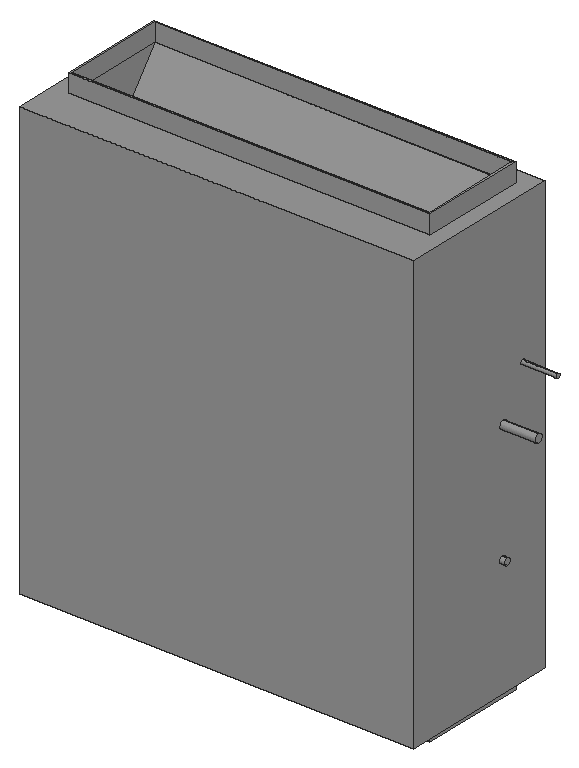
Revit family "Канальный блок VRF-системы", category Mechanical Equipment, host Face, Revit 2016
Family settings
  Host = Face
  Part Type = Normal
  Round Connector Dimension = Use Diameter
  Cut with Voids When Loaded = No
  Shared = No
  Room Calculation Point = No
Parameters (values of type "ESVMD-SF-22")
  Электропитание, (В) = size_lookup(Таблица электропитание, "", "Не найдено", Артикул)  # "220"
  Эл. питание(коннектор) = 220 V
  Ширина воздуховода = Ширина - 60.00 mm  # 590.00 mm
  Частота сети = size_lookup(Таблица параметров, "Частота сети", 0 Hz, Артикул)  # 50 Hz
  Холодопроизводительность = size_lookup(Таблица параметров, "Производительность Охлаждение", 0.00 kW, Артикул)  # 2.20 kW
  Фаза = 1
  Теплопроизводительность = size_lookup(Таблица параметров, "Производительность Нагрев", 0.00 kW, Артикул)  # 2.80 kW
  Таблица электропитание = "Электропитание"  # constant formula
  Ширина = size_lookup(Таблица параметров, "Ширина", 0.00 mm, Артикул)  # 650.00 mm
  Уровень звукового давления, (Дб(А)) = size_lookup(Таблица уровень звукового давления, "", "Не найдено", Артикул)  # "33-31-29"
  Таблица уровень звукового давления = "Уровень звукового давления"  # constant formula
  Таблица расход воздуха = "Расход воздуха"  # constant formula
  Таблица наименование = "Наименование"  # constant formula
  Таблица модель = "Модель"  # constant formula
  Таблица параметров = "Таблица параметров"  # constant formula
  Расход воздуха, (м.куб/ч) = size_lookup(Таблица расход воздуха, "", "Не найдено", Артикул)  # "480-420-360"
  Производитель = "Electrolux"  # constant formula
  Позиция = ""
  Watermarked By = ""
  Default Elevation = 1219.20 mm
  Наименование = size_lookup(Таблица наименование, "", "Не найдено", Артикул)  # "Канальный блок VRF-системы"
  Модель = size_lookup(Таблица модель, "", "Не найдено", Артикул)  # "ESVMD-SF-22"
  Диаметр жидкостной трубы = size_lookup(Таблица параметров, "Диаметр френопровода жидкость", 0.00 mm, Артикул)  # 6.35 mm
  Диаметр газовой трубы = size_lookup(Таблица параметров, "Диаметр френопровода газ", 0.00 mm, Артикул)  # 12.70 mm
  Высота воздуховода = 176.00 mm  # constant formula
  Высота = size_lookup(Таблица параметров, "Высота", 0.00 mm, Артикул)  # 270.00 mm
  Глубина = size_lookup(Таблица параметров, "Глубина", 0.00 mm, Артикул)  # 720.00 mm
  Вес = size_lookup(Таблица параметров, "Вес", 0.00 kg, Артикул)  # 25.00 kg
  Артикул = 1022697
Types (11, lengths in mm): name | Ширина воздуховода | Холодопроизводительность | Теплопроизводительность | Ширина | Уровень звукового давления, (Дб(А)) | Расход воздуха, (м.куб/ч) | Модель | Диаметр жидкостной трубы | Диаметр газовой трубы | Высота | Глубина | Вес | Артикул
  (no name) | 590.00 | 2.20 kW | 2.80 kW | 650.00 | "33-31-29" | "480-420-360" | "ESVMD-SF-22" | 6.35 | 12.70 | 270.00 | 720.00 | 25.00 kg | 1022697
  ESVMD-SF-22 | 590.00 | 2.20 kW | 2.80 kW | 650.00 | "33-31-29" | "480-420-360" | "ESVMD-SF-22" | 6.35 | 12.70 | 270.00 | 720.00 | 25.00 kg | 1022697
  ESVMD-SF-28 | 590.00 | 2.80 kW | 3.30 kW | 650.00 | "33-31-29" | "480-420-360" | "ESVMD-SF-28" | 6.35 | 12.70 | 270.00 | 720.00 | 25.00 kg | 1022698
  ESVMD-SF-36 | 590.00 | 3.60 kW | 4.20 kW | 650.00 | "33-31-29" | "780-660-540" | "ESVMD-SF-36" | 6.35 | 12.70 | 270.00 | 720.00 | 25.00 kg | 1022699
  ESVMD-SF-50 | 840.00 | 5.00 kW | 5.60 kW | 900.00 | "34-32-30" | "900-780-660" | "ESVMD-SF-50" | 6.35 | 15.88 | 270.00 | 720.00 | 34.00 kg | 1022700
  ESVMD-SF-56 | 840.00 | 5.60 kW | 6.50 kW | 900.00 | "34-32-30" | "900-780-660" | "ESVMD-SF-56" | 6.35 | 15.88 | 270.00 | 720.00 | 34.00 kg | 1022701
  ESVMD-SF-71 | 840.00 | 7.10 kW | 8.50 kW | 900.00 | "36-34-32" | "960-840-720" | "ESVMD-SF-71" | 9.53 | 15.88 | 270.00 | 720.00 | 34.00 kg | 1022702
  ESVMD-SF-90 | 840.00 | 9.00 kW | 10.00 kW | 900.00 | "41-39-34" | "1600-1400-1150" | "ESVMD-SF-90" | 9.53 | 15.88 | 350.00 | 800.00 | 44.00 kg | 1022703
  ESVMD-SF-112 | 840.00 | 11.20 kW | 13.00 kW | 900.00 | "43-40-36" | "1600-1400-1150" | "ESVMD-SF-112" | 9.53 | 15.88 | 350.00 | 800.00 | 44.00 kg | 1022704
  ESVMD-SF-140 | 1240.00 | 14.20 kW | 16.30 kW | 1300.00 | "44-41-36" | "2100-1750-1450" | "ESVMD-SF-140" | 9.53 | 15.88 | 350.00 | 800.00 | 56.00 kg | 1022705
  ESVMD-SF-160 | 1240.00 | 16.00 kW | 18.00 kW | 1300.00 | "43-40-37" | "2150-1900-1620" | "ESVMD-SF-160" | 9.53 | 15.88 | 350.00 | 800.00 | 56.00 kg | 1022706
Reference planes
  plane 1 "По центру (Вперед/Назад)": y = 0
  plane 2: z = 0
  plane 3 "По центру (Влево/Вправо)": x = 0
Dimensions and locks
  nested 1 to nested 3 = 321.00 mm
  nested 1 to nested 3 = 182.00 mm
  nested 1 to nested 2 = 246.00 mm
  nested 1 to nested 2 = 222.00 mm
  nested 1 to nested 4 = 180.00 mm
  nested 1 to nested 4 = 200.00 mm
  aligned and locked: plane 2 to host face
  aligned and locked: level to host face
  aligned and locked: plane 3 "По центру (Влево/Вправо)" to nested 1
  aligned and locked: nested 1 to plane 1 "По центру (Вперед/Назад)"
Nested families
  nested 1: "Корпус канального" at (0, 0, 0) x (0, 1, 0) z (0, 0, 1), Высота воздуховода <- "Высота воздуховода", Глубина <- "Глубина", Высота <- "Высота", Ширина <- "Ширина", Ширина воздуховода <- "Ширина воздуховода", type "Корпус канального"
    with Ширина воздуховода 590.00 mm, Ширина 650.00 mm, Глубина 720.00 mm, Высота воздуховода 176.00 mm, Высота 270.00 mm
  nested 2: "Трубка" at (325, 87, 474) x (0, 0, -1) z (1, 0, 0), Диаметр трубки <- "Диаметр жидкостной трубы", type "Трубка"
    with Диаметр трубки 6.35 mm
  nested 3: "Трубка" at (325, 47, 399) x (0, 0, -1) z (1, 0, 0), Диаметр трубки <- "Диаметр газовой трубы", type "Трубка"
    with Диаметр трубки 12.70 mm
  nested 4: "Трубка l" at (325, 45, 200) x (0, 0, -1) z (1, 0, 0), type "Трубка l"
    with Диаметр трубки 10.00 mm
Connectors
  piping at (385, 87, 474), diameter 6.35, driven by "Диаметр жидкостной трубы"
    settings: on nested 2, index 1, connector inside diameter 609.6 mm, connector length 0.00 mm, flow factor 0, pipe flow 0 m³/h, pressure drop 0.0 Pa, fitting loss kfactor 0, connector angle 0.00°, fixture units 0, engagement length 0.00 mm, angle of deflection 0.00°, flow configuration 0, flow direction 0, fitting loss method 0, system type 7, joint type 0, gender type 0, connector reference index -1, connector utility 0, adjustable connector no, is connector primary yes, connector description ""
  piping at (385, 47, 399), diameter 12.7, driven by "Диаметр газовой трубы"
    settings: on nested 3, index 2, connector inside diameter 609.6 mm, connector length 0.00 mm, flow factor 0, pipe flow 0 m³/h, pressure drop 0.0 Pa, fitting loss kfactor 0, connector angle 0.00°, fixture units 0, engagement length 0.00 mm, angle of deflection 0.00°, flow configuration 0, flow direction 0, fitting loss method 0, system type 7, joint type 0, gender type 0, connector reference index -1, connector utility 0, adjustable connector no, is connector primary no, connector description ""
  hvac at (0, 20, 720), driven by "Высота воздуховода", driven by "Ширина воздуховода"
    settings: on nested 1, index 3, duct flow 0 m³/h, flow factor 0, pres drop 0.0 Pa, loss coef 0, conn angle 0.00°, conn width 590 mm, conn height 176 mm, conn diameter 609.6 mm, duct sys type 3, conn prof type 1, flow config 0, flow direction 2, loss method 0, conn ref index -1, conn util no, is conn primary yes, conn desc ""
  hvac at (0, 20, 0), driven by "Ширина воздуховода", driven by "Высота воздуховода"
    settings: on nested 1, index 4, duct flow 0 m³/h, flow factor 0, pres drop 0.0 Pa, loss coef 0, conn angle 0.00°, conn width 176 mm, conn height 590 mm, conn diameter 609.6 mm, duct sys type 1, conn prof type 1, flow config 0, flow direction 1, loss method 0, conn ref index -1, conn util no, is conn primary no, conn desc ""
  electrical at (335, 45, 200), driven by "Фаза", driven by "Эл. питание(коннектор)", driven by "Теплопроизводительность"
    settings: on nested 4, index 5, voltage 220 V, apparent load 0 kW, apparent load phase1 2.8 kW, apparent load phase2 0 kW, apparent load phase3 0 kW, power factor 1, load classification "Прочее", number of poles 1, system type 31, power factor state 1, is connector primary yes, connector utility no, sub classification motor no, connector description ""
Definition of nested family "Корпус канального"
  Parameters (values of type "Корпус канального")
    Ширина воздуховода [instance] = 590.00 mm
    Ширина [instance] = 650.00 mm
    Watermarked By = ""
    Type Comments = "﻿﻿                           ﻿     ﻿ ﻿     ﻿       ​         ​       ​   ​                  ﻿                          ​                                                ﻿     ​   ﻿     ﻿       ﻿     ﻿       ﻿﻿"
    Keynote = "﻿﻿                           ﻿     ﻿ ﻿     ﻿       ​         ​       ​   ​                  ﻿                          ​                                                ﻿     ​   ﻿     ﻿       ﻿     ﻿       ﻿﻿"
    Description = "﻿﻿                           ﻿     ﻿ ﻿     ﻿       ​         ​       ​   ​                  ﻿                          ​                                                ﻿     ​   ﻿     ﻿       ﻿     ﻿       ﻿﻿"
    Default Elevation = 1219.20 mm
    Высота воздуховода [instance] = 176.00 mm
    Высота [instance] = 270.00 mm
    Глубина [instance] = 720.00 mm
    Assembly Code = "﻿﻿                           ﻿     ﻿ ﻿     ﻿       ​         ​       ​   ​                  ﻿                          ​                                                ﻿     ​   ﻿     ﻿       ﻿     ﻿       ﻿﻿"
  Reference planes
    plane 1 "По центру (Вперед/Назад)": y = 0
    plane 2: z = 0
    plane 3 "По центру (Влево/Вправо)": x = 0
    plane 4: y = 325
    plane 5: y = -325
    plane 6: x = -135
    plane 7: x = 135
    plane 8: y = -295
    plane 9: y = 295
    plane 10: x = -65
    plane 11: x = 105
    plane 12: x = -68
    plane 13: x = 108
    plane 14: y = 298
    plane 15: y = -298
    plane 16: z = 360
  Forms (mm)
    Extrusion 1, solid
      sketch origin (0, 0, 0) x (1, 0, 0) y (0, 1, 0)
        loop
          line (-1219.2, 1219.2) -> (-1219.2, -1219.2) -> (1219.2, -1219.2) -> (1219.2, 1219.2) -> (-1219.2, 1219.2)
      from 0 to -304.8
    Extrusion 2, solid, detail levels medium+fine
      sketch origin (0, 0, 0) x (1, 0, 0) y (0, 1, 0)
        loop
          line (-135, -325) -> (135, -325) -> (135, 325) -> (-135, 325) -> (-135, -325)
      from 0 to 720 <- "Глубина"
    Extrusion 3, void
      sketch origin (0, 0, 0) x (1, 0, 0) y (0, 0, 1)
        loop
          line (-65, 720) -> (-65, 500) -> (105, 720) -> (-65, 720)
      from -295 to 295
    Extrusion 4, solid, detail levels fine
      sketch origin (0, 0, 720) x (1, 0, 0) y (0, 1, 0)
        loop
          line (-65, 295) -> (-65, -295) -> (105, -295) -> (105, 295) -> (-65, 295)
        loop
          line (-68, 298) -> (-68, -298) -> (108, -298) -> (108, 298) -> (-68, 298)
      from 0 to 30
    Extrusion 5, solid, detail levels fine
      sketch origin (0, 0, 0) x (0, 1, 0) y (1, 0, 0)
        loop
          line (295, -65) -> (295, 105) -> (-295, 105) -> (-295, -65) -> (295, -65)
        loop
          line (298, -68) -> (298, 108) -> (-298, 108) -> (-298, -68) -> (298, -68)
      from 0 to 30
  Cuts and joins
    Extrusion 3 cuts Extrusion 2
  Lines and regions (mm)
    model lines, detail levels coarse
      curve 1: line (135, -325, 0) -> (135, 325, 0)
      curve 2: line (135, -325, 720) -> (135, 325, 720)
      curve 3: line (135, -325, 0) -> (135, -325, 720)
      curve 4: line (135, -325, 720) -> (-135, -325, 720)
      curve 5: line (-135, -325, 0) -> (135, -325, 0)
      curve 6: line (135, 325, 0) -> (135, 325, 720)
      curve 7: line (135, 325, 720) -> (-135, 325, 720)
      curve 8: line (-135, 325, 0) -> (135, 325, 0)
      curve 9: line (-135, 325, 0) -> (-135, -325, 0)
      curve 10: line (-135, -325, 0) -> (-135, -325, 720)
      curve 11: line (-135, -325, 720) -> (-135, 325, 720)
      curve 12: line (-135, 325, 720) -> (-135, 325, 0)
  Dimensions and locks
    equal spacing: plane 4, plane 1 "По центру (Вперед/Назад)", plane 5
    equal spacing: plane 6, plane 3 "По центру (Влево/Вправо)", plane 7
    "Ширина": plane 4 to plane 5
    "Высота": plane 6 to plane 7
    locked: plane 11 to plane 7 at 30
    locked: plane 6 to plane 10 at 70
    locked: cut or joined group of Extrusion 2, Extrusion 3 to cut or joined group of Extrusion 2, Extrusion 3 at 220
    locked: plane 8 to plane 15 at 3
    locked: plane 14 to plane 9 at 3
    locked: plane 12 to plane 10 at 3
    locked: plane 11 to plane 13 at 3
    "Ширина воздуховода": plane 9 to plane 8
    equal spacing: plane 9, plane 1 "По центру (Вперед/Назад)", plane 8
    aligned and locked: plane 2 to Extrusion 1
    aligned and locked: level to Extrusion 1
    aligned and locked: Extrusion 2 sketch curve to plane 5
    aligned and locked: Extrusion 2 sketch curve to plane 6
    aligned and locked: plane 4 to Extrusion 2 sketch curve
    aligned and locked: plane 7 to Extrusion 2 sketch curve
    aligned and locked: curve 1 to Extrusion 2
    aligned and locked: Extrusion 3 to plane 8
    aligned and locked: plane 9 to Extrusion 3
    aligned and locked: Extrusion 2 to Extrusion 3
    aligned and locked: Extrusion 4 sketch curve to cut or joined group of Extrusion 2, Extrusion 3  (x4)
    aligned and locked: Extrusion 4 sketch curve to plane 14
    aligned and locked: Extrusion 4 sketch curve to plane 12
    aligned and locked: plane 15 to Extrusion 4 sketch curve
    aligned and locked: plane 13 to Extrusion 4 sketch curve
    aligned and locked: plane 14 to Extrusion 4
    aligned and locked: Extrusion 4 to plane 13
    aligned and locked: plane 12 to Extrusion 4
    aligned and locked: Extrusion 4 to plane 15
    aligned and locked: plane 14 to Extrusion 5
    aligned and locked: Extrusion 5 to plane 15
  Automatic sketch dimensions
    curve 1 to plane 5 = 0.00 mm
    curve 1 to plane 4 = 0.00 mm
    Extrusion 1 sketch curve to Extrusion 1 sketch curve = 2438.40 mm  (x2)
    curve 2 to Extrusion 2 = 0.00 mm  (x2)
    Extrusion 2 to curve 2 = 0.00 mm
    curve 4 to Extrusion 2 = 0.00 mm  (x3)
    curve 5 to Extrusion 2 = 0.00 mm  (x2)
    curve 12 to Extrusion 2 = 0.00 mm
    Extrusion 2 to curve 11 = 0.00 mm
    curve 11 to Extrusion 2 = 0.00 mm
    curve 9 to Extrusion 2 = 0.00 mm
    curve 6 to Extrusion 2 = 0.00 mm
    Extrusion 2 to curve 6 = 0.00 mm
    curve 8 to Extrusion 2 = 0.00 mm  (x2)
    Extrusion 2 to curve 7 = 0.00 mm
    plane 10 to Extrusion 3 sketch curve = 0.00 mm
    plane 11 to Extrusion 3 sketch curve = 0.00 mm
    plane 16 to Extrusion 3 sketch curve = 140.00 mm
    Extrusion 3 sketch curve to Extrusion 3 sketch curve = 220.00 mm
    Extrusion 2 to Extrusion 5 sketch curve = 27.00 mm
    Extrusion 2 to Extrusion 5 sketch curve = 67.00 mm
    Extrusion 5 sketch curve to Extrusion 5 sketch curve = 3.00 mm  (x4)
    Extrusion 2 to Extrusion 5 sketch curve = 30.00 mm  (x2)
Definition of nested family "Трубка"
  Parameters (values of type "Трубка")
    Watermarked By = ""
    Type Comments = "﻿﻿                           ﻿     ﻿ ﻿     ﻿       ​         ​       ​   ​                  ﻿                          ​                                                ﻿     ​   ﻿     ﻿       ﻿     ﻿       ﻿﻿"
    Keynote = "﻿﻿                           ﻿     ﻿ ﻿     ﻿       ​         ​       ​   ​                  ﻿                          ​                                                ﻿     ​   ﻿     ﻿       ﻿     ﻿       ﻿﻿"
    Description = "﻿﻿                           ﻿     ﻿ ﻿     ﻿       ​         ​       ​   ​                  ﻿                          ​                                                ﻿     ​   ﻿     ﻿       ﻿     ﻿       ﻿﻿"
    Default Elevation = 1219.20 mm
    Диаметр трубки [instance] = 10.00 mm
    Assembly Code = "﻿﻿                           ﻿     ﻿ ﻿     ﻿       ​         ​       ​   ​                  ﻿                          ​                                                ﻿     ​   ﻿     ﻿       ﻿     ﻿       ﻿﻿"
  Reference planes
    plane 1 "По центру (Вперед/Назад)": y = 0
    plane 2: z = 0
    plane 3 "По центру (Влево/Вправо)": x = 0
  Forms (mm)
    Extrusion 1, solid
      sketch origin (0, 0, 0) x (1, 0, 0) y (0, 1, 0)
        loop
          line (-1219.2, 1219.2) -> (-1219.2, -1219.2) -> (1219.2, -1219.2) -> (1219.2, 1219.2) -> (-1219.2, 1219.2)
      from 0 to -304.8
    Extrusion 2, solid, detail levels fine
      sketch origin (0, 0, 0) x (1, 0, 0) y (0, 1, 0)
        loop
          circle (0, 0) r 5
      from 0 to 60
  Dimensions and locks
    "Диаметр трубки": diameter of Extrusion 2 sketch curve
    aligned and locked: plane 2 to Extrusion 1
    aligned and locked: level to Extrusion 1
  Automatic sketch dimensions
    Extrusion 1 sketch curve to Extrusion 1 sketch curve = 2438.40 mm  (x2)
    plane 1 "По центру (Вперед/Назад)" to Extrusion 2 sketch curve = 0.00 mm
    Extrusion 2 sketch curve to plane 3 "По центру (Влево/Вправо)" = 0.00 mm
Definition of nested family "Трубка l"
  Parameters (values of type "Трубка l")
    Watermarked By = ""
    Type Comments = "﻿﻿                           ﻿     ﻿ ﻿     ﻿       ​         ​       ​   ​                  ﻿                          ​                                                ﻿     ​   ﻿     ﻿       ﻿     ﻿       ﻿﻿"
    Keynote = "﻿﻿                           ﻿     ﻿ ﻿     ﻿       ​         ​       ​   ​                  ﻿                          ​                                                ﻿     ​   ﻿     ﻿       ﻿     ﻿       ﻿﻿"
    Description = "﻿﻿                           ﻿     ﻿ ﻿     ﻿       ​         ​       ​   ​                  ﻿                          ​                                                ﻿     ​   ﻿     ﻿       ﻿     ﻿       ﻿﻿"
    Default Elevation = 1219.20 mm
    Диаметр трубки [instance] = 10.00 mm
    Assembly Code = "﻿﻿                           ﻿     ﻿ ﻿     ﻿       ​         ​       ​   ​                  ﻿                          ​                                                ﻿     ​   ﻿     ﻿       ﻿     ﻿       ﻿﻿"
  Reference planes
    plane 1 "По центру (Вперед/Назад)": y = 0
    plane 2: z = 0
    plane 3 "По центру (Влево/Вправо)": x = 0
  Forms (mm)
    Extrusion 1, solid
      sketch origin (0, 0, 0) x (1, 0, 0) y (0, 1, 0)
        loop
          line (-1219.2, 1219.2) -> (-1219.2, -1219.2) -> (1219.2, -1219.2) -> (1219.2, 1219.2) -> (-1219.2, 1219.2)
      from 0 to -304.8
    Extrusion 2, solid, detail levels fine
      sketch origin (0, 0, 0) x (1, 0, 0) y (0, 1, 0)
        loop
          circle (0, 0) r 5
      from 0 to 10
  Dimensions and locks
    "Диаметр трубки": diameter of Extrusion 2 sketch curve
    aligned and locked: plane 2 to Extrusion 1
    aligned and locked: level to Extrusion 1
  Automatic sketch dimensions
    Extrusion 1 sketch curve to Extrusion 1 sketch curve = 2438.40 mm  (x2)
    plane 1 "По центру (Вперед/Назад)" to Extrusion 2 sketch curve = 0.00 mm
    Extrusion 2 sketch curve to plane 3 "По центру (Влево/Вправо)" = 0.00 mm
